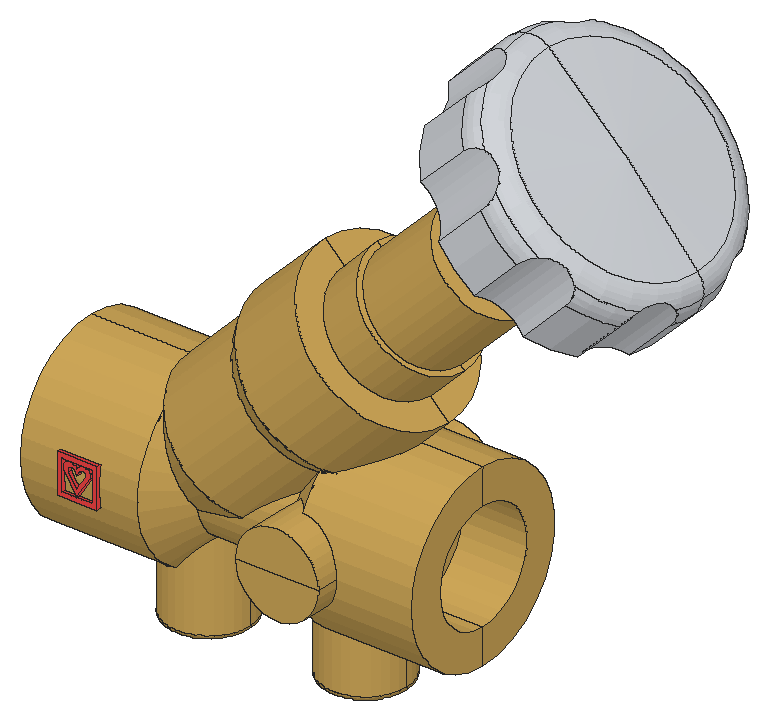
Revit family "HERZ Shut-off valve 4125 D", category Rohrzubehör, Revit 2018
Family settings
  Bemaßung runder Anschluss = Durchmesser verwenden
  Teiletyp = Unterbricht
  OmniClass-Nummer = 23.65.55.14
  OmniClass-Titel = Valves for Liquid Services
  Arbeitsebenenbasiert = Nein
  Immer vertikal = Ja
  Beim Laden mit Abzugskörper schneiden = Nein
  Gemeinsam genutzt = Nein
Parameters
  W01 = 45.00°  # constant formula
  URL = "www.herzvalves.com"
  Spindle = "brass CW617N\r"  # constant formula
  SW01 = 60.00°  # constant formula
  SCRNSEQ = "ARM;ARM_TYP=\"ABSV\";2"
  SCRNCODE = "05;07;02"  # constant formula
  S03 = 60.000 mm  # constant formula
  S02 [instance] = L06 + L09 + L12 + L15  # 113.800 mm
  S01 [instance] = R01 * 2  # 41.000 mm
  R12 [instance] = R01 - 1.000 mm  # 19.500 mm
  R11 [instance] = size_lookup("4125D_", "R11", 1.000 mm, Nennweite)  # 6.000 mm
  R100 = 1.000 mm  # constant formula
  R10 [instance] = size_lookup("4125D_", "R10", 1.000 mm, Nennweite)  # 9.000 mm
  R09 [instance] = size_lookup("4125D_", "R9", 1.000 mm, Nennweite)  # 12.750 mm
  R08 [instance] = size_lookup("4125D_", "R8", 1.000 mm, Nennweite)  # 14.000 mm
  R07 [instance] = size_lookup("4125D_", "R7", 1.000 mm, Nennweite)  # 20.000 mm
  R06 [instance] = size_lookup("4125D_", "R6", 1.000 mm, Nennweite)  # 17.750 mm
  R05 [instance] = Nennweite / 2  # 12.500 mm
  R04 [instance] = size_lookup("4125D_", "R4", 1.000 mm, Nennweite)  # 9.500 mm
  R03 = 9.500 mm  # constant formula
  R02 [instance] = Nennweite / 2  # 12.500 mm
  R01 [instance] = size_lookup("4125D_", "R1", 1.000 mm, Nennweite)  # 20.500 mm
  Upper part = "DZR brass CW602N"  # constant formula
  Part number [instance] = size_lookup("4125D_", "Artnr", 0, Nennweite)  # 1412563
  Nennweite [instance] = 25.000 mm
  Model = "STRÖMAX-D shut-off valve, inclined model, brass version, socket x socket,\r\nwith long threaded sockets, non-rising spindle,\r\nspindle sealing by means of elastic double-O-ring."
  Medium = "Heating water according ÖNORM H5195 or VDI- Standard 2035.\r\nThe use of ethylene- or propylene glycol in a mixing ratio 25- 50% is allowed."
  Max. differential pressure on closed seat = 1000000.0 Pa  # constant formula
  Max. operating temperature = 110 °C  # constant formula
  Max. operating pressure = 2000000.0 Pa  # constant formula
  L16 [instance] = L01 / 2  # 13.500 mm
  L15 [instance] = size_lookup("4125D_", "L15", 1.000 mm, Nennweite)  # 12.400 mm
  L14 [instance] = size_lookup("4125D_", "L14", 1.000 mm, Nennweite)  # 12.000 mm
  L12 [instance] = size_lookup("4125D_", "L12", 1.000 mm, Nennweite)  # 43.400 mm
  L11 [instance] = size_lookup("4125D_", "L11", 1.000 mm, Nennweite)  # 22.400 mm
  L10 [instance] = size_lookup("4125D_", "L10", 1.000 mm, Nennweite)  # 11.000 mm
  L09 [instance] = size_lookup("4125D_", "L9", 1.000 mm, Nennweite)  # 19.500 mm
  L08 [instance] = size_lookup("4125D_", "L8", 1.000 mm, Nennweite)  # 34.000 mm
  L07 [instance] = size_lookup("4125D_", "L7", 1.000 mm, Nennweite)  # 18.000 mm
  L06 [instance] = size_lookup("4125D_", "L6", 1.000 mm, Nennweite) - L09  # 38.500 mm
  L05 [instance] = size_lookup("4125D_", "L5", 1.000 mm, Nennweite)  # 25.500 mm
  L04 [instance] = size_lookup("4125D_", "L4", 1.000 mm, Nennweite)  # 25.500 mm
  L03 = 15.000 mm  # constant formula
  L02 [instance] = size_lookup("4125D_", "L2", 1.000 mm, Nennweite)  # 11.000 mm
  L01 [instance] = size_lookup("4125D_", "L1", 1.000 mm, Nennweite)  # 27.000 mm
  L00 [instance] = size_lookup("4125D_", "L", 1.000 mm, Nennweite)  # 90.000 mm
  Cone = "DZR brass CW602N"  # constant formula
  Hersteller = "HERZ Armaturen Ges.m.b.H."  # constant formula
  Hand wheel = "Polyamide"  # constant formula
  H01 [instance] = size_lookup("4125D_", "H1", 1.000 mm, Nennweite)  # 32.000 mm
  Sealing = "EPDM"  # constant formula
  DN80 [instance] = Nennweite = 80.000 mm  # no
  DN65 [instance] = Nennweite = 65.000 mm  # no
  DN50 [instance] = Nennweite = 50.000 mm  # no
  DN40 [instance] = Nennweite = 40.000 mm  # no
  DN32 [instance] = Nennweite = 32.000 mm  # no
  DN25-DN80 [instance] = or(Nennweite = 25.000 mm, Nennweite = 32.000 mm, Nennweite = 40.000 mm, Nennweite = 50.000 mm, Nennweite = 65.000 mm, Nennweite = 80.000 mm)  # yes
  DN25 [instance] = Nennweite = 25.000 mm  # yes
  DN20 [instance] = Nennweite = 20.000 mm  # no
  DN15 [instance] = Nennweite = 15.000 mm  # no
  Body = "casted DZR brass CC752S"  # constant formula
  Application = "Reliable shutting of pipes in heating and cooling systems."
Reference planes
  plane 1 "Mitte (Vorne/hinten)": y = 0
  plane 2: z = 0
  plane 3 "Mitte (Links/rechts)": x = 0
Forms (mm)
  Revolve 1, solid, material "Messing, weicher Gelbton, geschweißt", detail levels fine
    sketch origin (470, 0, 0) x (1, 0, 0) y (0, 0, 1)
      loop
        line (-515, 12.5) -> (-500, 12.5) -> (-500, 0) -> (-440, 0) -> (-440, 12.5) -> (-425, 12.5) -> (-425, 20.5) -> (-452, 20.5) -> (-459, 12.5) -> (-481, 12.5) -> (-488, 20.5) -> (-515, 20.5) -> (-515, 12.5)
      axis (-515, 0) -> (-425, 0)
    angle from 0 to 360
  Revolve 2, solid, material "Messing, weicher Gelbton, geschweißt", detail levels fine
    sketch origin (470, 0, 0) x (1, 0, 0) y (0, 0, 1)
      loop
        line (-497.5, 0) -> (-497.5, -31)
        arc (-497.5, -31) -> (-497.207, -31.707) -> (-496.5, -32) r 1
        line (-496.5, -32) -> (-488, -32) -> (-488, 0) -> (-497.5, 0)
      axis (-488, 0) -> (-488, -32)
    angle from 0 to 360
  Revolve 3, solid, material "Messing, weicher Gelbton, geschweißt", detail levels fine
    sketch origin (0, 0, 0) x (1, 0, 0) y (0, 1, 0)
      loop
        line (18, -25.5) -> (27.5, -25.5) -> (27.5, 25.5) -> (18, 25.5) -> (18, -25.5)
      axis (18, -25.5) -> (18, 25.5)
    angle from 0 to 360
  Revolve 4, solid, material "Messing, weicher Gelbton, geschweißt", visible <- "DN25-DN80", detail levels fine
    sketch origin (-470, 0, 0) x (-1, 0, 0) y (0, 0, 1)
      loop
        line (-497.5, 0) -> (-497.5, -31)
        arc (-497.5, -31) -> (-497.207, -31.707) -> (-496.5, -32) r 1
        line (-496.5, -32) -> (-488, -32) -> (-488, 0) -> (-497.5, 0)
      axis (-488, 0) -> (-488, -32)
    angle from 0 to 360
  Revolve 5, solid, material "Messing, weicher Gelbton, geschweißt", detail levels fine
    sketch origin (0.32, 0, -0.105) x (1, 0, 0) y (0, 0, 1)
      loop
        line (-18.32, 0) -> (62.149, 80.469) -> (57.906, 84.711) -> (49.138, 75.943) -> (47.017, 78.065) -> (39.946, 70.994) -> (37.294, 73.645) -> (21.455, 57.806) -> (20.571, 58.69) -> (12.793, 50.912) -> (8.55, 55.154) -> (-5.239, 41.366) -> (-6.83, 36.593) -> (-22.386, 21.036) -> (-27.159, 8.839) -> (-18.32, 0)
      axis (-18.32, 0) -> (62.149, 80.469)
    angle from 0 to 360
Lines and regions (mm)
  model lines, detail levels coarse+medium
    curve 1: line (-45, 0, 20.5) -> (-45, 0, -20.5)
    curve 2: line (-45, 0, -20.5) -> (45, 0, 20.5)
    curve 3: line (45, 0, 20.5) -> (45, 0, -20.5)
    curve 4: line (45, 0, -20.5) -> (-45, 0, 20.5)
    curve 5: line (0, 0, 0) -> (56.9, 0, 98.554)
    curve 6: line (30.919, 0, 113.554) -> (82.881, 0, 83.554)
    curve 7: line (-45, -20.5, 0) -> (-45, 20.5, 0)
    curve 8: line (-45, 20.5, 0) -> (45, -20.5, 0)
    curve 9: line (45, -20.5, 0) -> (45, 20.5, 0)
    curve 10: line (45, 20.5, 0) -> (-45, -20.5, 0)
    curve 11: line (0, 0, 0) -> (56.9, 98.554, 0)
    curve 12: line (30.919, 113.554, 0) -> (82.881, 83.554, 0)
Dimensions and locks
  "H01": plane 2 to Revolve 2 sketch curve
  "L00": Revolve 1 sketch curve to Revolve 1 sketch curve
  equal spacing: Revolve 1 sketch curve, plane 3 "Mitte (Links/rechts)", Revolve 1 sketch curve
  "R01": Revolve 1 sketch curve to Revolve 1 sketch curve  (x2)
  "R02": Revolve 1 sketch curve to Revolve 1 sketch curve  (x3)
  "L01": Revolve 1 sketch curve to Revolve 1 sketch curve  (x2)
  "L02": plane 3 "Mitte (Links/rechts)" to Revolve 1 sketch curve
  "L02": Revolve 1 sketch curve to plane 3 "Mitte (Links/rechts)"
  "L03": Revolve 1 sketch curve to Revolve 1 sketch curve  (x2)
  "L01": Revolve 1 to Revolve 2 sketch curve
  "R03": Revolve 2 sketch curve to Revolve 2 sketch curve
  "L01": Revolve 4 sketch curve to Revolve 1
  "R03": Revolve 4 sketch curve to Revolve 4 sketch curve
  "H01": plane 2 to Revolve 4 sketch curve
  "L04": Revolve 3 sketch curve to plane 1 "Mitte (Vorne/hinten)"
  "L05": plane 1 "Mitte (Vorne/hinten)" to Revolve 3 sketch curve
  "R04": Revolve 3 sketch curve to Revolve 3 sketch curve
  "L01": Revolve 3 sketch curve to Revolve 1
  "R07": Revolve 5 sketch curve to Revolve 5 sketch curve
  "L07": plane 3 "Mitte (Links/rechts)" to Revolve 5 sketch curve
  "R05": Revolve 5 sketch curve to Revolve 5 sketch curve
  "L06": Revolve 5 sketch curve to Revolve 5 sketch curve
  "L08": Revolve 5 sketch curve to Revolve 5 sketch curve
  "R06": Revolve 5 sketch curve to Revolve 5 sketch curve
  "L14": Revolve 5 sketch curve to Revolve 5 sketch curve
  "L09": Revolve 5 sketch curve to Revolve 5 sketch curve
  "R08": Revolve 5 sketch curve to Revolve 5 sketch curve
  "L10": Revolve 5 sketch curve to Revolve 5 sketch curve
  "R09": Revolve 5 sketch curve to Revolve 5 sketch curve
  "R10": Revolve 5 sketch curve to Revolve 5 sketch curve
  "L12": Revolve 5 sketch curve to Revolve 5 sketch curve
  "R11": Revolve 5 sketch curve to Revolve 5 sketch curve
  "L15": Revolve 5 sketch curve to Revolve 5 sketch curve
  "L11": Revolve 5 sketch curve to Revolve 5 sketch curve
  "R12": nested 9 to plane 1 "Mitte (Vorne/hinten)"
  "L16": Revolve 1 to nested 9
  equal spacing: curve 1, plane 3 "Mitte (Links/rechts)", curve 3
  "L00": curve 1 to curve 3
  equal spacing: curve 4, plane 2, curve 2
  "S01": curve 4 to curve 1
  "S01": curve 3 to curve 4
  equal spacing: curve 3, plane 2, curve 4
  "S02": curve 5 to curve 5
  equal spacing: curve 6, curve 5, curve 6
  "S03": curve 6 to curve 6
  equal spacing: curve 7, plane 3 "Mitte (Links/rechts)", curve 9
  "L00": curve 7 to curve 9
  equal spacing: curve 10, plane 1 "Mitte (Vorne/hinten)", curve 8
  "S01": curve 8 to curve 10
  equal spacing: curve 9, plane 1 "Mitte (Vorne/hinten)", curve 10
  "S01": curve 10 to curve 9
  "S02": curve 11 to curve 11
  equal spacing: curve 12, curve 11, curve 12
  "S03": curve 12 to curve 12
  "R100": radius of Revolve 2 sketch curve
  "R100": radius of Revolve 4 sketch curve
  "W01": angle plane 2 to Revolve 5 sketch curve
  "W01": angle level to Revolve 5 sketch curve
  "SW01": angle plane 2 to curve 5
  "SW01": angle plane 1 "Mitte (Vorne/hinten)" to curve 11
  aligned and locked: level to plane 2
Automatic sketch dimensions
  curve 5 to level = 0.000 mm
  plane 1 "Mitte (Vorne/hinten)" to curve 11 = 0.000 mm
  Revolve 1 sketch curve to level = 0.000 mm  (x2)
  Revolve 1 sketch curve to Revolve 1 sketch curve = 791.990 mm
  Revolve 1 sketch curve to Revolve 1 sketch curve = 2278.983 mm
  Revolve 2 sketch curve to level = 0.000 mm  (x2)
  Revolve 2 sketch curve to Revolve 2 sketch curve = 0.000 mm
  Revolve 2 sketch curve to Revolve 2 sketch curve = 0.292 mm
  Revolve 3 sketch curve to Revolve 3 sketch curve = 0.000 mm  (x3)
  Revolve 4 sketch curve to level = 0.000 mm  (x2)
  Revolve 4 sketch curve to Revolve 4 sketch curve = 0.000 mm
  Revolve 4 sketch curve to Revolve 4 sketch curve = 0.292 mm
  Revolve 5 sketch curve to level = 0.105 mm
  Revolve 5 sketch curve to Revolve 5 sketch curve = 0.000 mm  (x2)
Nested families
  nested 1: "Strömax-Handrad_Schrägsitz" at (42.584, 0, 54.979), visible <- "DN15", type "Strömax-Handrad_Schrägsitz", detail levels fine
    with Nennweite 0.000 mm, Gewicht 0.00 kg, Bestellnummer 0
  nested 2: "Strömax-Handrad_Schrägsitz" at (54.312, 0, 67.707), visible <- "DN20", type "Strömax-Handrad_Schrägsitz", detail levels fine
    with Nennweite 0.000 mm, Gewicht 0.00 kg, Bestellnummer 0
  nested 3: "Strömax-Handrad_Schrägsitz" at (62.469, 0, 80.364), visible <- "DN25", type "Strömax-Handrad_Schrägsitz", detail levels fine
    with Nennweite 0.000 mm, Gewicht 0.00 kg, Bestellnummer 0
  nested 4: "Strömax-Handrad_Schrägsitz" at (71.712, 0, 91.607), visible <- "DN32", type "Strömax-Handrad_Schrägsitz", detail levels fine
    with Nennweite 0.000 mm, Gewicht 0.00 kg, Bestellnummer 0
  nested 5: "Strömax-Handrad_Schrägsitz" at (80.399, 0, 101.294), visible <- "DN40", type "Strömax-Handrad_Schrägsitz", detail levels fine
    with Nennweite 0.000 mm, Gewicht 0.00 kg, Bestellnummer 0
  nested 6: "Strömax-Handrad_Schrägsitz" at (97.83, 0, 129.225), visible <- "DN50", type "Strömax-Handrad_Schrägsitz", detail levels fine
    with Nennweite 0.000 mm, Gewicht 0.00 kg, Bestellnummer 0
  nested 7: "Strömax-Handrad_Schrägsitz" at (114.482, 0, 149.378), visible <- "DN65", type "Strömax-Handrad_Schrägsitz", detail levels fine
    with Nennweite 0.000 mm, Gewicht 0.00 kg, Bestellnummer 0
  nested 8: "Strömax-Handrad_Schrägsitz" at (140.423, 0, 183.319), visible <- "DN80", type "Strömax-Handrad_Schrägsitz", detail levels fine
    with Nennweite 0.000 mm, Gewicht 0.00 kg, Bestellnummer 0
  nested 9: "Herz-Logo-vorne" at (-31.5, -20.232, 0) x (0, 1, 0) z (0, 0, 1), type "Herz-Logo-vorne", detail levels fine
Connectors
  piping at (-30, 0, 0), diameter 25, driven by "Nennweite"
    settings: on Revolve 1, index 1, connector inside diameter 609.6 mm, connector length 0.000 mm, flow factor 0, pipe flow 0.0 L/s, pressure drop 0.0 Pa, fitting loss kfactor 0, connector angle 0.00°, fixture units 0, engagement length 0.000 mm, angle of deflection 0.00°, flow configuration 0, flow direction 1, fitting loss method 0, system type 29, joint type 0, gender type 0, connector reference index -1, connector utility 0, adjustable connector no, is connector primary yes, connector description ""
  piping at (30, 0, 0), diameter 25, driven by "Nennweite"
    settings: on Revolve 1, index 2, connector inside diameter 609.6 mm, connector length 0.000 mm, flow factor 0, pipe flow 0.0 L/s, pressure drop 0.0 Pa, fitting loss kfactor 0, connector angle 0.00°, fixture units 0, engagement length 0.000 mm, angle of deflection 0.00°, flow configuration 0, flow direction 2, fitting loss method 0, system type 29, joint type 0, gender type 0, connector reference index -1, connector utility 0, adjustable connector no, is connector primary no, connector description ""
Definition of nested family "Strömax-Handrad_Schrägsitz"
  Parameters (values of type "Strömax-Handrad_Schrägsitz")
    URL = "www.herz-armaturen.at"
    Nennweite [instance] = 0.000 mm
    Manufacturer = "Herz Armaturen GmbH"  # constant formula
    Gewicht [instance] = 0.00 kg
    Bestellnummer [instance] = 0
  Reference planes
    plane 1 "Mitte (Vorne/hinten)": y = 0
    plane 2: z = 0
    plane 3 "Mitte (Links/rechts)": x = 0
  Forms (mm)
    Revolve 1, solid
      sketch origin (0, 0, 0) x (0.707107, 0, -0.707107) y (0.707107, 0, 0.707107)
        loop
          line (0, 0) -> (0, 22)
          arc (0, 22) -> (-12.15, 21.705) -> (-24.271, 20.819) r 250
          arc (-24.271, 20.819) -> (-26.831, 19.959) -> (-28.754, 18.063) r 6
          arc (-28.754, 18.063) -> (-29.682, 16.008) -> (-30, 13.776) r 8
          line (-30, 13.776) -> (-30, 0) -> (0, 0)
        axis (0, 22) -> (0, 0)
      angle from 0 to 360
    Extrusion 2, void
      sketch origin (0, 0, 0) x (0.707107, 0, -0.707107) y (0, 1, 0)
        loop
          circle (14.351, -34.645) r 10
      from 0 to 22
    Extrusion 3, void
      sketch origin (0, 0, 0) x (-0.707107, 0, 0.707107) y (0, -1, 0)
        loop
          circle (14.351, 34.645) r 10
      from 0 to 22
    Extrusion 4, void
      sketch origin (0, 0, 0) x (0, -1, 0) y (0.707107, 0, -0.707107)
        loop
          circle (14.351, 34.645) r 10
      from 0 to 22
    Extrusion 5, void
      sketch origin (0, 0, 0) x (0, 1, 0) y (-0.707107, 0, 0.707107)
        loop
          circle (14.351, -34.645) r 10
      from 0 to 22
    Extrusion 6, void
      sketch origin (0, 0, 0) x (0, -1, 0) y (0.707107, 0, -0.707107)
        loop
          circle (14.351, -34.645) r 10
      from 0 to 22
    Extrusion 7, void
      sketch origin (0, 0, 0) x (0, 1, 0) y (-0.707107, 0, 0.707107)
        loop
          circle (14.351, 34.645) r 10
      from 0 to 22
    Extrusion 8, void
      sketch origin (0, 0, 0) x (0.707107, 0, -0.707107) y (0, 1, 0)
        loop
          circle (14.351, 34.645) r 10
      from 0 to 22
    Extrusion 9, void
      sketch origin (0, 0, 0) x (-0.707107, 0, 0.707107) y (0, -1, 0)
        loop
          circle (14.351, -34.645) r 10
      from 0 to 22
  Cuts and joins
    Extrusion 2, Extrusion 3, Extrusion 4, Extrusion 5, Extrusion 6, Extrusion 7, Extrusion 8, Extrusion 9 cuts Revolve 1
  Dimensions and locks
    aligned and locked: level to plane 2
Definition of nested family "Herz-Logo-vorne"
  Reference planes
    plane 1 "Mitte (Vorne/hinten)": y = 0
    plane 2: z = 0
    plane 3 "Mitte (Links/rechts)": x = 0
  Forms (mm)
    Extrusion 1, solid
      sketch origin (0.732, -0.018, 0.017) x (0, -1, 0) y (0, 0, 1)
        loop
          line (-0.018, -4.517) -> (4.482, -4.517) -> (4.482, 4.483) -> (-4.518, 4.483) -> (-4.518, -4.517) -> (-0.018, -4.517)
        loop
          line (-0.05, -3.48) -> (3.482, -3.48) -> (3.482, 3.483) -> (-3.518, 3.483) -> (-3.518, -3.48) -> (-0.05, -3.48)
        loop
          arc (-0.018, 2.383) -> (-1.543, 3.287) -> (-3.067, 2.383) r 1.738
          arc (-3.067, 2.383) -> (-3.191, 1.899) -> (-3.067, 1.415) r 1.009
          line (-3.067, 1.415) -> (-0.018, -3.281) -> (3.032, 1.415)
          arc (3.032, 1.415) -> (3.156, 1.899) -> (3.032, 2.383) r 1.009
          arc (3.032, 2.383) -> (1.507, 3.287) -> (-0.018, 2.383) r 1.738
        loop
          arc (1.885, 1.272) -> (2.005, 1.675) -> (1.885, 2.079) r 0.74
          arc (1.885, 2.079) -> (1.265, 2.416) -> (0.644, 2.079) r 0.74
          line (0.644, 2.079) -> (-0.018, 0.97) -> (-0.679, 2.079)
          arc (-0.679, 2.079) -> (-1.3, 2.416) -> (-1.921, 2.079) r 0.74
          arc (-1.921, 2.079) -> (-2.04, 1.675) -> (-1.921, 1.272) r 0.74
          line (-1.921, 1.272) -> (-0.018, -1.658) -> (1.885, 1.272)
      from 0 to 1.5
  Dimensions and locks
    aligned and locked: level to plane 2
